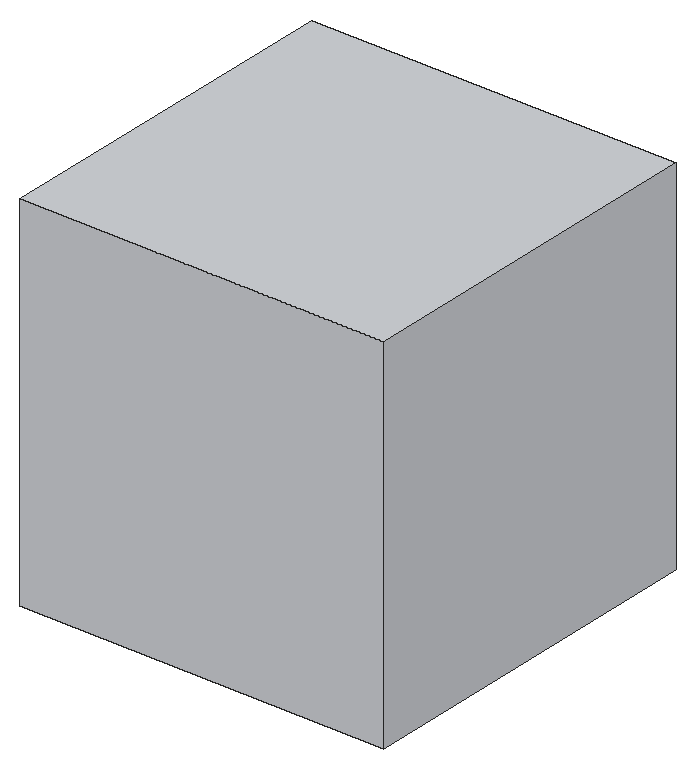
Revit family "EI_Steckdosenwuerfel_V1700", category Elektroinstallationen, Revit 2017
Family settings
  Beschriftungsausrichtung beibehalten = Nein
  Bemaßung runder Anschluss = Durchmesser verwenden
  Teiletyp = Normal
  OmniClass-Nummer = 23.80.50.14
  OmniClass-Titel = Plug Connectors
  Arbeitsebenenbasiert = Nein
  Immer vertikal = Ja
  Beim Laden mit Abzugskörper schneiden = Nein
  Gemeinsam genutzt = Nein
  Raumberechnungspunkt = Nein
Parameters (values of type "allgemein")
  pbr_Material_KZ = ""
  pbr_Material = none
  pbr_E_Typ = ""
  pbr_E_KZ = ""
  pbr_DINBild = 0
  pbr_Bild = 0
  pbr_3Dx_Delta_Korrekturversatz [instance] = 0 mm
  pbr_3DX_Versatzfaktor [instance] = 0
  pbr_2DY_Versatzfaktor [instance] = 0
  pbr_2DX_Versatzfaktor [instance] = 0
  cpiFitMatchKey [instance] = "E-VENTI3"
  Zentrale [instance] = ""
  YFrontversatz [instance] = if(pbr_2DY_Versatzfaktor = 300, 0 mm, pbr_2DY_Versatzfaktor * 300 mm)  # 0 mm
  XSeitenversatz [instance] = if(pbr_2DX_Versatzfaktor = 0, 3000 mm, 3000 mm + (pbr_2DX_Versatzfaktor * 300 mm)) + Eckversatz  # 3000 mm
  X3Dversatz [instance] = 0 mm
  Wirkleistung [instance] = 0 W
  Ventilator = _E_CAx Detail Elektrische Geräte : Ventilator
  Typ [instance] = ""
  Text3 [instance] = ""
  Text2 [instance] = ""
  Text1 [instance] = ""
  Steckdosenwürfel mit Netzwerkanschluss = no
  Steckdosenwürfel = yes
  Spannung [instance] = 0
  Scheinleistung [instance] = 0 VA
  Schaltgruppe2 [instance] = 0
  Schaltgruppe1 [instance] = 0
  Polig [instance] = 1
  Planungsbüro Rohling = "www.pbr.de"
  Nennstrom [instance] = 0
  Menge(Dosenzahl) [instance] = 0
  Länge = 500 mm
  Tiefe = 500 mm
  Linie/Anschluss [instance] = ""
  Leistungsfaktor [instance] = 0
  Lastklassifizierung = none
  Installationsart [instance] = ""
  Info [instance] = ""
  Höhe = 500 mm
  Gleichzeitigkeitsfaktor3 [instance] = 0
  Gleichzeitigkeitsfaktor2 [instance] = 0
  Gleichzeitigkeitsfaktor1 [instance] = 0
  Gewerk [instance] = "Steck"
  Eckversatz [instance] = 0 mm
  Anlaufstrom [instance] = 0
  3DX_Versatzkontrolle [instance] = if(pbr_3DX_Versatzfaktor = 0, (pbr_2DX_Versatzfaktor * -1), (((-1 * pbr_3DX_Versatzfaktor) + pbr_2DX_Versatzfaktor) * -1))  # 0
Types (2, lengths in mm): name | Steckdosenwürfel mit Netzwerkanschluss | Steckdosenwürfel
  allgemein | no | yes
  Netzwerkanschluss | yes | no
Reference planes
  plane 1 "Mitte (Vorne/Hinten)": y = 0
  plane 2: z = 0
  plane 3 "Mitte (Links/Rechts)": x = 0
  plane 4: z = 500
  plane 5: y = 250
  plane 6: y = -250
  plane 7: x = -250
  plane 8: x = 250
Forms (mm)
  Sweep 1, solid
    path origin (0, 0, 0) x (1, 0, 0) y (0, 0, 1)
      loop
        line (0, 0) -> (0, 500)
    profile origin (0, 0, 250) x (-1, 0, 0) y (0, -1, 0)
      loop
        line (250, 250) -> (-250, 250) -> (-250, -250) -> (250, -250) -> (250, 250)
Dimensions and locks
  equal spacing: plane 7, plane 3 "Mitte (Links/Rechts)", plane 8
  equal spacing: plane 5, plane 1 "Mitte (Vorne/Hinten)", plane 6
  "Länge": plane 7 to plane 8
  "Tiefe": plane 5 to plane 6
  "Höhe": plane 4 to plane 2
  aligned and locked: level to plane 2
  aligned and locked: plane 4 to Sweep 1 sketch curve
  aligned and locked: level to Sweep 1 sketch curve
  aligned and locked: plane 5 to Sweep 1 sketch curve
  aligned and locked: Sweep 1 sketch curve to plane 7
  aligned and locked: Sweep 1 sketch curve to plane 6
  aligned and locked: plane 3 "Mitte (Links/Rechts)" to nested 1
  aligned and locked: plane 1 "Mitte (Vorne/Hinten)" to nested 1
  aligned and locked: plane 3 "Mitte (Links/Rechts)" to nested 2
  aligned and locked: plane 1 "Mitte (Vorne/Hinten)" to nested 2
Automatic sketch dimensions
  Sweep 1 sketch curve to plane 3 "Mitte (Links/Rechts)" = 0 mm
  profile plane to Sweep 1 sketch curve = 250 mm
Nested families
  nested 1: "Steckdosenwürfel" at (0, 0, 0), visible <- "Steckdosenwürfel", type "Steckdosenwürfel"
  nested 2: "Steckdosenwürfel mit Netzwerkanschluss" at (0, 0, 0), visible <- "Steckdosenwürfel mit Netzwerkanschluss", type "Steckdosenwürfel mit Netzwerkanschluss"
Connectors
  electrical at (0, 0, 0)
    settings: on Sweep 1, index 1, voltage 400 V, apparent load 0 VA, apparent load phase1 0 VA, apparent load phase2 0 VA, apparent load phase3 0 VA, power factor 1, load classification "Lüftung", number of poles 3, system type 30, power factor state 1, is connector primary yes, connector utility no, sub classification motor no, connector description ""
Definition of nested family "Steckdosenwürfel"
  Reference planes
    plane 1 "Mitte (Vorne/Hinten)": y = 0
    plane 2: z = 0
    plane 3 "Mitte (Links/Rechts)": x = 0
  Lines and regions (mm)
    detail lines, in view "Referenzebene"
      curve 1: arc (187.59, 69.1, 0) -> (127.991, 0.143, 0) -> (187.308, -69.058, 0) r 69.857
      curve 2: arc (-68.786, 187.276, 0) -> (0.172, 127.677, 0) -> (69.372, 186.994, 0) r 69.857
      curve 3: arc (69.414, -187.276, 0) -> (0.457, -127.677, 0) -> (-68.744, -186.994, 0) r 69.857
      curve 4: arc (-186.962, -69.1, 0) -> (-127.363, -0.143, 0) -> (-186.68, 69.058, 0) r 69.857
      curve 5: line (-199.686, 200, 0) -> (200.314, 200, 0)
      curve 6: line (200.314, 200, 0) -> (200.314, -200, 0)
      curve 7: line (200.314, -200, 0) -> (-199.686, -200, 0)
      curve 8: line (-199.686, -200, 0) -> (-199.686, 200, 0)
      curve 9: line (127.936, -67.197, 0) -> (127.936, 66.845, 0)
      curve 10: line (127.991, 0, 0) -> (0.314, 0, 0)
      curve 11: line (0.314, 0, 0) -> (0.314, 127.677, 0)
      curve 12: line (67.511, 127.622, 0) -> (-66.53, 127.622, 0)
      curve 13: line (-66.883, -127.622, 0) -> (67.159, -127.622, 0)
      curve 14: line (0.314, -127.677, 0) -> (0.314, 0, 0)
      curve 15: line (0.314, 0, 0) -> (-127.363, 0, 0)
      curve 16: line (-127.308, 67.197, 0) -> (-127.308, -66.845, 0)
Definition of nested family "Steckdosenwürfel mit Netzwerkanschluss"
  Reference planes
    plane 1 "Mitte (Vorne/Hinten)": y = 0
    plane 2: z = 0
    plane 3 "Mitte (Links/Rechts)": x = 0
  Lines and regions (mm)
    Filled region 1, type "Beton", in view "Referenzebene"
      outline origin (-8.502, -199.574, 0) x (1, 0, 0) y (0, 1, 0)
        loop
          line (-25.517, 233.654) -> (-25.517, 244.347) -> (-64.415, 244.347) -> (-64.415, 154.772) -> (-24.415, 154.772) -> (-24.415, 165.341) -> (-57.211, 165.341) -> (-57.211, 195.827) -> (-27.749, 195.827) -> (-27.749, 206.331) -> (-57.211, 206.331) -> (-57.211, 233.654) -> (-25.517, 233.654)
        loop
          line (2.901, 244.347) -> (-15.61, 244.347) -> (-15.61, 154.772) -> (5.187, 154.772)
          spline (5.187, 154.772) -> (18.386, 160.314) -> (22.129, 165.729) -> (25.648, 174.303) -> (27.628, 183.532) -> (28.6, 191.465) -> (28.815, 200.09) -> (28.434, 209.348) -> (27.436, 218.032) -> (25.421, 226.22) -> (21.866, 234.091) -> (15.811, 241.01) -> (2.901, 244.347)
        loop
          line (1.96, 233.654) -> (-8.04, 233.654) -> (-8.04, 165.341) -> (5.545, 165.341)
          spline (5.545, 165.341) -> (13.958, 168.598) -> (17.414, 174.078) -> (19.502, 180.372) -> (20.73, 187.697) -> (21.369, 195.961) -> (21.466, 204.21) -> (21.027, 211.455) -> (19.998, 217.6) -> (18.287, 223.085) -> (15.772, 228.056) -> (11.774, 232.05) -> (1.96, 233.654)
        loop
          line (39.658, 244.347) -> (31.842, 244.347) -> (52.79, 154.769) -> (59.989, 154.769) -> (81.321, 244.347) -> (73.74, 244.347) -> (56.398, 164.608) -> (39.658, 244.347)
    detail lines, in view "Referenzebene"
      curve 1: arc (186.138, 69.527, 0) -> (126.538, 0.569, 0) -> (185.856, -68.631, 0) r 69.857
      curve 2: arc (-70.239, 187.703, 0) -> (-1.281, 128.103, 0) -> (67.919, 187.421, 0) r 69.857
      curve 3: arc (67.961, -186.85, 0) -> (-0.996, -127.25, 0) -> (-70.197, -186.568, 0) r 69.857
      curve 4: arc (-188.415, -68.674, 0) -> (-128.816, 0.284, 0) -> (-188.133, 69.484, 0) r 69.857
      curve 5: line (-201.139, 200.426, 0) -> (198.861, 200.426, 0)
      curve 6: line (198.861, 200.426, 0) -> (198.861, -199.574, 0)
      curve 7: line (198.861, -199.574, 0) -> (-201.139, -199.574, 0)
      curve 8: line (-201.139, -199.574, 0) -> (-201.139, 200.426, 0)
      curve 9: line (126.483, -66.77, 0) -> (126.483, 67.271, 0)
      curve 10: line (126.538, 0.426, 0) -> (62.699, 0.426, 0)
      curve 11: line (66.058, 128.048, 0) -> (-67.983, 128.048, 0)
      curve 12: line (-1.139, 128.103, 0) -> (-1.139, 79.495, 0)
      curve 13: line (-68.336, -127.196, 0) -> (65.706, -127.196, 0)
      curve 14: line (-1.139, -127.25, 0) -> (-1.139, -63.412, 0)
      curve 15: line (-128.761, 67.623, 0) -> (-128.761, -66.418, 0)
      curve 16: line (-128.815, 0.426, 0) -> (-64.977, 0.426, 0)
